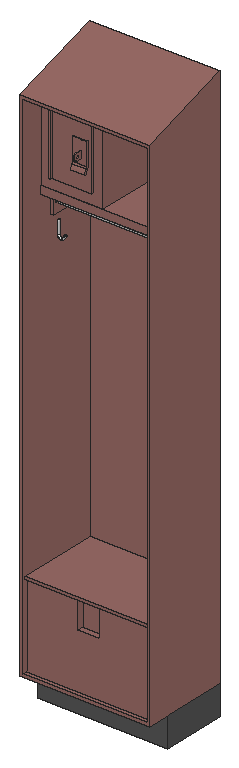
Revit family "Locker_Athletic_Scranton_TuffTec", category Specialty Equipment, Revit 2026
Family settings
  Round Connector Dimension = Use Diameter
  Part Type = Normal
  Classification Number = 23.40.20.11.17
  Work Plane-Based = Yes
  Enable Cutting in Views = No
  Always vertical = Yes
  Cut with Voids When Loaded = No
  Maintain Annotation Orientation = No
  Shared = No
  Room Calculation Point = No
Parameters
  offset [instance] = 0' - 0"
  Warranty Duration (Years) = 0
  Unit Width = 1' - 6"
  Unit Height = 6' - 0"
  Unit Depth = 1' - 0"
  URL = "http://www.scrantonproducts.com/products/lockers/"
  Type Comments = "Custom sizes, color, and configurations available, please contact Scranton Products for more information"
  TuffTike in Top Compartment [instance] = yes
  Trim Material = Plastic - HDPE - Scranton - Black
  Top Compartment Height [instance] = 1' - 0"
  TT_Width [instance] = (Unit Width / 2) - 0' 0 3/8"  # 0' - 8 5/8"
  TT_Height [instance] = Top Compartment Height - 0' 0 3/8"  # 0' - 11 5/8"
  TT_Depth [instance] = Unit Depth - 0' 3 3/8"  # 0' - 8 5/8"
  Specification = "http://www.arcat.com/sdspecs/htm/10500spi.htm"
  SpecWizard = "http://www.arcat.com/specwizard/10500spi/index.htm?coid=45422&mf="
  Slope Top [instance] = yes
  Slope Height [instance] = if(Slope Top, 0' 4", 0' 0")  # 0' - 4"
  Send Message = "http://www.arcat.com/users.pl?action=UserEmail&company=Scranton%20Products&coid=45422&rep=154&fax=800-551-6993&mf="
  Sales Information = "https://www.scrantonproducts.com/where-to-buy/"
  Revision = "R1_11-2010"
  Product Properties = "http://www.arcat.com/bim/bim_info.pl?fn=Scranton"
  Product Data = "http://www.arcat.com/arcatcos/cos45/arc45422.html"
  Model = "As Specified in 10 51 00"
  Manufacturer Website = "http://www.scrantonproducts.com/"
  Manufacturer Phone - Toll Free = "800-445-5148"
  Manufacturer Phone = "800-445-5148"
  Manufacturer Fax = "800-551-6993"
  Manufacturer Address = "801 E. Corey St., Scranton, PA 18507"
  Manufacturer = "Scranton Products"
  Maintenance Schedule (Months) = 0
  Keynote = "10 51 00"
  Installation-Fabrication = "https://www.dropbox.com/s/kh24odtz4t24c9s/Tufftec%20Lockers%20Installation%20Guide.pdf?dl=0"
  Installation Phase = ""
  Hanger Material = Metal - Chrome - Scranton - Polished
  Green Building-LEED = "http://www.arcat.com/green/clients/leed_data_45422.html"
  Expected Lifespan (Years) = 0
  Drawn By = "Sumex Design, Inc. / Robert S. Weygant, CSI, CDT, SCIP"
  Description = "Lockers as Specified in 10 51 00"
  Default Elevation = 4' - 0"
  Copyright = "©Arcat Inc."
  Construction Details = "https://www.dropbox.com/s/5087wbg3fg35cl7/Tufftec%20Lockers%20Brochure.pdf?dl=0"
  Body Material = Plastic - HDPE - Scranton - Burgundy
  Base Height [instance] = 0' - 4"
  Base Compartment Height [instance] = 1' - 0"
  Base [instance] = not(Base Height = 0' 0")  # yes
  BH_Actual [instance] = if(Base Height = 0' 0", 0' 1", Base Height)  # 0' - 4"
  Assembly Code = "C1030310"
Reference planes (in)
  plane 1 "Center (Front/Back)": y = -5.01892
  plane 2 "Bottom": z = 0
  plane 3 "Center (Left/Right)": x = 12
  plane 4 "Front": y = -11.01892
  plane 5 "Back": y = 0.98108
  plane 6 "Left": x = 3
  plane 7 "Right": x = 21
  plane 8 "Top": z = 76
  plane 9: z = 80
  plane 10: z = 4
  plane 11: z = 40
  plane 12: z = 63.625
  plane 13: z = 4
  plane 14: z = 16.375
  plane 15: z = 4.375
  plane 16: z = 75.625
  plane 17: x = 16.5
  plane 18: x = 7.5
  plane 19: x = 3.375
  plane 20: y = 0.60608
Forms (in)
  Extrusion 1, solid, material "Plastic - HDPE - Scranton - Black" <- "Trim Material", visible <- "Base"
    sketch origin (0, 0, 0) x (1, 0, 0) y (0, 1, 0)
      loop
        line (3, 0.98108) -> (3, -8.01892) -> (21, -8.01892) -> (21, 0.98108) -> (3, 0.98108)
    from 0 to 4
  Extrusion 2, solid, material "Plastic - HDPE - Scranton - Burgundy" <- "Body Material"
    sketch origin (3, 16.34522, 48) x (0, 1, 0) y (0, 0, 1)
      loop
        line (-15.36414, -44) -> (-15.36414, 32) -> (-27.36414, 28) -> (-27.36414, -44) -> (-15.36414, -44)
    from 0 to 0.375
  Extrusion 3, solid, material "Plastic - HDPE - Scranton - Burgundy" <- "Body Material"
    sketch origin (21, 16.34522, 48) x (0, 1, 0) y (0, 0, 1)
      loop
        line (-15.36414, -44) -> (-15.36414, 32) -> (-27.36414, 28) -> (-27.36414, -44) -> (-15.36414, -44)
    from 0 to -0.375
  Extrusion 4, solid, material "Plastic - HDPE - Scranton - Burgundy" <- "Body Material"
    sketch origin (-14.15641, -180, 4) x (-1, 0, 0) y (0, -1, 0)
      loop
        line (-17.53141, -180.60608) -> (-17.53141, -169.60608) -> (-34.78141, -169.60608) -> (-34.78141, -180.60608) -> (-17.53141, -180.60608)
    from 0.375 to 12
  Extrusion 5, solid, material "Plastic - HDPE - Scranton - Burgundy" <- "Body Material"
    sketch origin (3, 16.34522, 48) x (0, 1, 0) y (0, 0, 1)
      loop
        line (-27.36414, 27.60472) -> (-15.73914, 31.47972) -> (-15.73914, -43.625) -> (-27.36414, -43.625) -> (-27.36414, -44) -> (-15.36414, -44) -> (-15.36414, 32) -> (-27.36414, 28) -> (-27.36414, 27.60472)
    from 0 to 18
  Extrusion 6, solid, material "Plastic - HDPE - Scranton - Burgundy" <- "Body Material"
    sketch origin (3.375, -180, 16.375) x (-1, 0, 0) y (0, -1, 0)
      loop
        line (0, -180.60608) -> (0, -169.23108) -> (-17.25, -169.23108) -> (-17.25, -180.60608) -> (0, -180.60608)
    from 0 to -0.375
  Extrusion 7, void
    sketch origin (-11.94222, -11.01892, 48) x (1, 0, 0) y (0, 0, 1)
      loop
        line (22.44222, -32) -> (22.44222, -36) -> (25.44222, -36) -> (25.44222, -32) -> (22.44222, -32)
    from 0 to -1.5
  Extrusion 8, solid, material "Plastic - HDPE - Scranton - Burgundy" <- "Body Material"
    sketch origin (-29.82647, -180, 63.625) x (-1, 0, 0) y (0, -1, 0)
      loop
        line (-33.20147, -180.60608) -> (-33.20147, -171.98108) -> (-50.45147, -171.98108) -> (-50.45147, -180.60608) -> (-33.20147, -180.60608)
    from 0 to -1
  Extrusion 9, solid, material "Metal - Chrome - Scranton - Polished" <- "Hanger Material"
    sketch origin (3, 16.34522, 48) x (0, 1, 0) y (0, 0, 1)
      loop
        circle (-21.36414, 12.625) r 0.375
    from 0.375 to 17.625
  Extrusion 10, solid, material "Plastic - HDPE - Scranton - Burgundy" <- "Body Material"
    sketch origin (3, 16.34522, 48) x (0, 1, 0) y (0, 0, 1)
      loop
        circle (-21.36414, 12.625) r 0.375
      loop
        line (-20.11414, 13.875) -> (-22.61414, 13.875) -> (-22.61414, 11.375) -> (-20.11414, 11.375) -> (-20.11414, 13.875)
    from 0.375 to 0.875
  Extrusion 11, solid, material "Plastic - HDPE - Scranton - Burgundy" <- "Body Material"
    sketch origin (21, 16.34522, 48) x (0, 1, 0) y (0, 0, 1)
      loop
        circle (-21.36414, 12.625) r 0.375
      loop
        line (-20.11414, 13.875) -> (-22.61414, 13.875) -> (-22.61414, 11.375) -> (-20.11414, 11.375) -> (-20.11414, 13.875)
    from -0.375 to -0.875
  Sweep 12, solid, material "Metal - Chrome - Scranton - Polished" <- "Hanger Material", detail levels medium+fine
    path origin (16.5, -180, 71.47133) x (0, 0, 1) y (0, -1, 0)
      loop
        line (-9.34633, -180.48108) -> (-11.09633, -180.48108)
        arc (-11.09633, -180.48108) -> (-11.36148, -180.41263) -> (-11.56036, -180.22439) r 0.54776
        arc (-11.56036, -180.22439) -> (-11.60321, -180.01032) -> (-11.49325, -179.82171) r 0.30767
        line (-11.49325, -179.82171) -> (-11.05737, -179.46905)
    profile origin (16.5, 0.48108, 61.25) x (1, 0, 0) y (0, 1, 0)
      loop
        circle (0, 0) r 0.125
  Sweep 13, solid, material "Metal - Chrome - Scranton - Polished" <- "Hanger Material", detail levels medium+fine
    path origin (7.5, -180, 70.24963) x (0, 0, 1) y (0, -1, 0)
      loop
        line (-8.12463, -180.48108) -> (-9.87463, -180.48108)
        arc (-9.87463, -180.48108) -> (-10.13978, -180.41263) -> (-10.33866, -180.22439) r 0.54776
        arc (-10.33866, -180.22439) -> (-10.38151, -180.01032) -> (-10.27154, -179.82171) r 0.30767
        line (-10.27154, -179.82171) -> (-9.83567, -179.46905)
    profile origin (7.5, 0.48108, 61.25) x (1, 0, 0) y (0, 1, 0)
      loop
        circle (0, 0) r 0.125
  Sweep 14, solid, material "Metal - Chrome - Scranton - Polished" <- "Hanger Material", detail levels medium+fine
    path origin (-1.2098, -5.01892, -2) x (1, 0, 0) y (0, 0, 1)
      loop
        line (4.7098, 60.125) -> (4.7098, 58.375)
        arc (4.7098, 58.375) -> (4.77825, 58.10985) -> (4.96649, 57.91097) r 0.54776
        arc (4.96649, 57.91097) -> (5.18056, 57.86813) -> (5.36917, 57.97809) r 0.30767
        line (5.36917, 57.97809) -> (5.72183, 58.41396)
    profile origin (3.5, -5.01892, 57.25) x (0, -1, 0) y (1, 0, 0)
      loop
        circle (0, 0) r 0.125
  Sweep 15, solid, material "Metal - Chrome - Scranton - Polished" <- "Hanger Material", detail levels medium+fine
    path origin (25.2098, -5.01892, -2) x (-1, 0, 0) y (0, 0, -1)
      loop
        line (4.7098, -60.125) -> (4.7098, -58.375)
        arc (4.7098, -58.375) -> (4.77825, -58.10985) -> (4.96649, -57.91097) r 0.54776
        arc (4.96649, -57.91097) -> (5.18056, -57.86813) -> (5.36917, -57.97809) r 0.30767
        line (5.36917, -57.97809) -> (5.72183, -58.41396)
    profile origin (20.5, -5.01892, 57.25) x (0, -1, 0) y (1, 0, 0)
      loop
        circle (0, 0) r 0.125
Cuts and joins
  Extrusion 7 cuts Extrusion 2
  Extrusion 7 cuts Extrusion 3
  Extrusion 7 cuts Extrusion 5
  joined: Extrusion 2, Extrusion 3, Extrusion 5
  Extrusion 7 cuts Extrusion 4
  Extrusion 7 cuts Extrusion 6
Lines and regions (in)
  reference lines
    curve 1: line (12, -11.01892, 76) -> (12, 0.98108, 80)
  symbolic lines, style "Lockers - Elevation Swing"
    curve 2: line (3.375, -10.76892, 0) -> (12, 0.60608, 0)
    curve 3: line (12, 0.60608, 0) -> (20.625, -10.76892, 0)
Dimensions and locks (in)
  "Unit Height": plane 8 "Top" to plane 10
  equal spacing: plane 6 "Left", plane 3 "Center (Left/Right)", plane 7 "Right"
  "Unit Width": plane 6 "Left" to plane 7 "Right"
  equal spacing: plane 5 "Back", plane 1 "Center (Front/Back)", plane 4 "Front"
  "Unit Depth": plane 5 "Back" to plane 4 "Front"
  "Slope Height": plane 9 to plane 8 "Top"
  "Base Height": plane 10 to level
  equal spacing: plane 8 "Top", plane 11, plane 10
  "BH_Actual": plane 13 to level
  locked: curve 1 to Extrusion 5 sketch curve at 0.375
  "Base Compartment Height": plane 14 to plane 15
  locked: plane 14 to Extrusion 4 at 0.375
  "Top Compartment Height": plane 16 to plane 12
  locked: plane 7 "Right" to Extrusion 9 at 0.375
  locked: plane 15 to plane 10 at 0.375
  locked: plane 8 "Top" to plane 16 at 0.375
  equal spacing: plane 3 "Center (Left/Right)", plane 18, plane 6 "Left"
  equal spacing: plane 7 "Right", plane 17, plane 3 "Center (Left/Right)"
  locked: plane 6 "Left" to plane 19 at 0.375
  locked: plane 5 "Back" to plane 20 at 0.375
  locked: Extrusion 8 sketch curve to plane 4 "Front" at 3
  locked: Extrusion 1 sketch curve to plane 4 "Front" at 3
  aligned and locked: plane 13 to Extrusion 1
  aligned and locked: Extrusion 5 sketch curve to curve 1
  aligned and locked: plane 5 "Back" to Extrusion 5 sketch curve
  aligned and locked: plane 7 "Right" to Extrusion 5
  aligned and locked: plane 19 to nested 1
  aligned and locked: nested 1 to plane 20
  aligned and locked: Extrusion 5 sketch curve to plane 4 "Front"
Automatic sketch dimensions
  curve 3 to plane 3 "Center (Left/Right)" = 0' - 0"
  plane 6 "Left" to curve 2 = 0' - 0 3/8"
  curve 3 to plane 7 "Right" = 0' - 0 3/8"
  curve 3 to plane 5 "Back" = 0' - 0 3/8"
  Extrusion 1 sketch curve to plane 6 "Left" = 0' - 0"
  Extrusion 1 sketch curve to plane 7 "Right" = 0' - 0"
  Extrusion 1 sketch curve to plane 5 "Back" = 0' - 0"
  Extrusion 4 sketch curve to plane 7 "Right" = 0' - 0 3/8"
  plane 6 "Left" to Extrusion 4 sketch curve = 0' - 0 3/8"
  Extrusion 4 sketch curve to plane 5 "Back" = 0' - 0 3/8"
  Extrusion 5 sketch curve to plane 15 = 0' - 0"
  Extrusion 5 sketch curve to plane 10 = 0' - 0"
  Extrusion 5 sketch curve to plane 5 "Back" = 0' - 0 3/8"
  Extrusion 6 sketch curve to plane 7 "Right" = 0' - 0 3/8"
  plane 6 "Left" to Extrusion 6 sketch curve = 0' - 0 3/8"
  Extrusion 6 sketch curve to plane 5 "Back" = 0' - 0 3/8"
  Extrusion 7 sketch curve to plane 3 "Center (Left/Right)" = 0' - 1 1/2"
  plane 3 "Center (Left/Right)" to Extrusion 7 sketch curve = 0' - 1 1/2"
  Extrusion 7 sketch curve to plane 14 = 0' - 4 3/8"
  Extrusion 7 sketch curve to plane 14 = 0' - 0 3/8"
  Extrusion 8 sketch curve to plane 7 "Right" = 0' - 0 3/8"
  plane 6 "Left" to Extrusion 8 sketch curve = 0' - 0 3/8"
  Extrusion 8 sketch curve to plane 5 "Back" = 0' - 0 3/8"
  Extrusion 9 sketch curve to plane 1 "Center (Front/Back)" = 0' - 0"
  Extrusion 9 sketch curve to plane 12 = 0' - 3"
  Extrusion 10 sketch curve to plane 1 "Center (Front/Back)" = 0' - 0"
  plane 1 "Center (Front/Back)" to Extrusion 10 sketch curve = 0' - 1 1/4"
  Extrusion 10 sketch curve to plane 1 "Center (Front/Back)" = 0' - 1 1/4"
  Extrusion 10 sketch curve to plane 12 = 0' - 4 1/4"
  Extrusion 10 sketch curve to Extrusion 10 sketch curve = 0' - 1 1/4"
  Extrusion 10 sketch curve to plane 12 = 0' - 1 3/4"
  Extrusion 11 sketch curve to plane 1 "Center (Front/Back)" = 0' - 0"
  plane 1 "Center (Front/Back)" to Extrusion 11 sketch curve = 0' - 1 1/4"
  Extrusion 11 sketch curve to plane 1 "Center (Front/Back)" = 0' - 1 1/4"
  Extrusion 11 sketch curve to plane 12 = 0' - 4 1/4"
  Extrusion 11 sketch curve to Extrusion 11 sketch curve = 0' - 1 1/4"
  Extrusion 11 sketch curve to plane 12 = 0' - 1 3/4"
  Sweep 12 sketch curve to plane 5 "Back" = 0' - 0.75669"
  Sweep 12 sketch curve to plane 12 = 0' - 3.71403"
  Sweep 12 sketch curve to Sweep 12 sketch curve = 0' - 0"
  Sweep 12 sketch curve to Sweep 12 sketch curve = 0' - 0.06711"
  Sweep 12 sketch curve to Sweep 12 sketch curve = 0' - 0.26064"
  Sweep 12 sketch curve to Sweep 12 sketch curve = 0' - 0.20339"
  Sweep 12 sketch curve to plane 5 "Back" = 0' - 1.51203"
  Sweep 12 sketch curve to Sweep 12 sketch curve = 0' - 0.03896"
  Sweep 12 sketch curve to Sweep 12 sketch curve = 0' - 1 3/4"
  Sweep 12 sketch curve to plane 5 "Back" = 0' - 0 1/2"
  Sweep 12 sketch curve to profile plane = 0' - 0"  (x2)
  Sweep 13 sketch curve to plane 5 "Back" = 0' - 0.75669"
  Sweep 13 sketch curve to plane 12 = 0' - 3.71403"
  Sweep 13 sketch curve to Sweep 13 sketch curve = 0' - 0"
  Sweep 13 sketch curve to Sweep 13 sketch curve = 0' - 0.06711"
  Sweep 13 sketch curve to Sweep 13 sketch curve = 0' - 0.26064"
  Sweep 13 sketch curve to Sweep 13 sketch curve = 0' - 0.20339"
  Sweep 13 sketch curve to plane 5 "Back" = 0' - 1.51203"
  Sweep 13 sketch curve to Sweep 13 sketch curve = 0' - 0.03896"
  Sweep 13 sketch curve to Sweep 13 sketch curve = 0' - 1 3/4"
  Sweep 13 sketch curve to plane 5 "Back" = 0' - 0 1/2"
  Sweep 13 sketch curve to plane 18 = 0' - 0"
  Sweep 13 sketch curve to profile plane = 0' - 0"
  Sweep 14 sketch curve to plane 1 "Center (Front/Back)" = 0' - 0"
  Sweep 14 sketch curve to profile plane = 0' - 0"
  Sweep 15 sketch curve to plane 1 "Center (Front/Back)" = 0' - 0"
  Sweep 15 sketch curve to profile plane = 0' - 0"
  plane 6 "Left" to Sweep 14 sketch curve = 0' - 0 1/2"
  Sweep 14 sketch curve to Sweep 14 sketch curve = 0' - 0.25669"
  Sweep 14 sketch curve to Sweep 14 sketch curve = 0' - 0"
  Sweep 14 sketch curve to Sweep 14 sketch curve = 0' - 0.16349"
  Sweep 14 sketch curve to Sweep 14 sketch curve = 0' - 0.12758"
  Sweep 14 sketch curve to Sweep 14 sketch curve = 0' - 0.23919"
  Sweep 14 sketch curve to Sweep 14 sketch curve = 0' - 0.46427"
  Sweep 14 sketch curve to plane 12 = 0' - 7.71403"
  Sweep 14 sketch curve to Sweep 14 sketch curve = 0' - 0.03896"
  Sweep 14 sketch curve to Sweep 14 sketch curve = 0' - 1 3/4"
  Sweep 15 sketch curve to plane 7 "Right" = 0' - 0 1/2"
  Sweep 15 sketch curve to Sweep 15 sketch curve = 0' - 0.25669"
  Sweep 15 sketch curve to Sweep 15 sketch curve = 0' - 0"
  Sweep 15 sketch curve to Sweep 15 sketch curve = 0' - 0.16349"
  Sweep 15 sketch curve to Sweep 15 sketch curve = 0' - 0.12758"
  Sweep 15 sketch curve to Sweep 15 sketch curve = 0' - 0.23919"
  Sweep 15 sketch curve to Sweep 15 sketch curve = 0' - 0.46427"
  Sweep 15 sketch curve to plane 12 = 0' - 5 1/2"
  Sweep 15 sketch curve to Sweep 15 sketch curve = 0' - 1.71104"
  Sweep 15 sketch curve to Sweep 15 sketch curve = 0' - 0.03896"
  plane 4 "Front" to curve 2 = 0' - 0 1/4"
  plane 4 "Front" to curve 3 = 0' - 0 1/4"
  plane 4 "Front" to Extrusion 4 sketch curve = 0' - 0 5/8"
  plane 4 "Front" to Extrusion 5 sketch curve = 0' - 0"
  plane 4 "Front" to Extrusion 6 sketch curve = 0' - 0 1/4"
  curve 1 to plane 4 "Front" = 0' - 0"
  curve 1 to plane 5 "Back" = 0' - 0"
  curve 1 to plane 8 "Top" = 0' - 0"
  curve 1 to plane 9 = 0' - 0"
  Extrusion 2 sketch curve to plane 4 "Front" = 0' - 0"
  Extrusion 2 sketch curve to plane 5 "Back" = 0' - 0"
  Extrusion 2 sketch curve to plane 10 = 0' - 0"
  Extrusion 2 sketch curve to plane 8 "Top" = 0' - 0"
  Extrusion 2 sketch curve to plane 9 = 0' - 0"
  Extrusion 3 sketch curve to plane 4 "Front" = 0' - 0"
  Extrusion 3 sketch curve to plane 5 "Back" = 0' - 0"
  Extrusion 3 sketch curve to plane 10 = 0' - 0"
  Extrusion 3 sketch curve to plane 8 "Top" = 0' - 0"
  Extrusion 3 sketch curve to plane 9 = 0' - 0"
  radius of Extrusion 9 sketch curve = 0' - 0 3/8"
  radius of Extrusion 10 sketch curve = 0' - 0 3/8"
  radius of Extrusion 11 sketch curve = 0' - 0 3/8"
  radius of Sweep 12 sketch curve = 0' - 0 1/8"
  radius of Sweep 13 sketch curve = 0' - 0 1/8"
  radius of Sweep 14 sketch curve = 0' - 0 1/8"
  radius of Sweep 15 sketch curve = 0' - 0 1/8"
Nested families (in)
  nested 1: "Locker_Cubby_Scranton_TuffTike" at (19.6875, 1.3125, 63.625) x (-1, 0, 0) z (0, 0, 1), Unit Width <- "TT_Width", Unit Height <- "TT_Height", Unit Depth <- "TT_Depth", visible <- "TuffTike in Top Compartment", type "Locker_Cubby_Scranton_TuffTike"
    with offset 0' - 0", Unit Width 0' - 8 5/8", Unit Height 0' - 11 5/8", Unit Depth 0' - 8 5/8", Padlock yes, Key no, Door Width 0' - 5 5/8", Door Type none, Door Height 0' - 8 5/8", Combination Lock no, Coin Slot no
Definition of nested family "Locker_Cubby_Scranton_TuffTike"
  Parameters (values of type "Locker_Cubby_Scranton_TuffTike")
    offset [instance] = 0' - 0"
    Warranty Duration (Years) = 0
    Unit Width [instance] = 1' - 3"
    Unit Height [instance] = 1' - 3"
    Unit Depth [instance] = 1' - 0"
    URL = "http://www.scrantonproducts.com/products/lockers/"
    Trim Material = none
    Specification = "http://www.arcat.com/sdspecs/htm/10500spi.htm"
    SpecWizard = "http://www.arcat.com/specwizard/10500spi/index.htm?coid=45422&mf="
    Send Message = "http://www.arcat.com/users.pl?action=UserEmail&company=Scranton%20Products&coid=45422&rep=154&fax=800-551-6993&mf="
    Sales Information = "http://www.scrantonproducts.com/locator/"
    Revision = "R1_11-2010"
    Product Properties = "http://www.arcat.com/bim/bim_info.pl?fn=Scranton"
    Product Data = "http://www.arcat.com/arcatcos/cos45/arc45422.html"
    Padlock [instance] = yes
    Model = "As Specified in 10 51 00"
    Manufacturer Website = "http://www.scrantonproducts.com/"
    Manufacturer Phone - Toll Free = "800-445-5148"
    Manufacturer Phone = "800-445-5148"
    Manufacturer Fax = "800-551-6993"
    Manufacturer Address = "801 E. Corey St., Scranton, PA 18507"
    Manufacturer = "Scranton Products"
    Maintenance Schedule (Months) = 0
    Keynote = "10 51 00"
    Key [instance] = no
    Installation-Fabrication = "http://www.scrantonproducts.com/assets/docs/installation-tufftec2.pdf"
    Installation Phase = ""
    Green Building-LEED = "http://www.arcat.com/green/clients/leed_data_45422.html"
    Expected Lifespan (Years) = 0
    Drawn By = "Sumex Design, Inc. / Robert S. Weygant, CSI, CDT, SCIP"
    Door Width [instance] = Unit Width - 0' 3"  # 1' - 0"
    Door Type [instance] = CubbyDoor : Horizontal Vent
    Door Height [instance] = Unit Height - 0' 3"  # 1' - 0"
    Description = "Lockers as Specified in 10 51 00"
    Default Elevation = 4' - 0"
    Copyright = "©Arcat Inc."
    Construction Details = "http://www.scrantonproducts.com/assets/docs/drawings-tufftec2.pdf"
    Combination Lock [instance] = no
    Coin Slot [instance] = no
    Body Material = none
    Assembly Code = "C1030310"
  Reference planes (in)
    plane 1 "Center (Front/Back)": y = -5.01892
    plane 2 "Bottom": z = 0
    plane 3 "Center (Left/Right)": x = 12
    plane 4 "Front": y = -11.01892
    plane 5 "Back": y = 0.98108
    plane 6 "Left": x = 4.5
    plane 7 "Right": x = 19.5
    plane 8 "Top": z = 15
    plane 9: z = 15
    plane 10: z = 0
    plane 11: y = -10.89392
    plane 12: z = 7.5
    plane 13: z = 13.5
    plane 14: z = 1.5
  Forms (in)
    Extrusion 1, solid, material <- "Body Material"
      sketch origin (4.5, 16.34522, 48) x (0, 1, 0) y (0, 0, 1)
        loop
          line (-15.36414, -48) -> (-15.36414, -33) -> (-27.23914, -33) -> (-27.23914, -48) -> (-15.36414, -48)
      from 0 to 15
  Lines and regions (in)
    symbolic lines
      curve 1: arc (6, -11.01892, 0) -> (9.51472, -19.5042, 0) -> (18, -23.01892, 0) r 12
      curve 2: line (18, -11.01892, 0) -> (18, -23.01892, 0)
  Dimensions and locks (in)
    "Unit Height": plane 8 "Top" to plane 10
    equal spacing: plane 6 "Left", plane 3 "Center (Left/Right)", plane 7 "Right"
    "Unit Width": plane 6 "Left" to plane 7 "Right"
    equal spacing: plane 5 "Back", plane 1 "Center (Front/Back)", plane 4 "Front"
    "Unit Depth": plane 5 "Back" to plane 4 "Front"
    locked: plane 9 to plane 8 "Top"
    locked: plane 10 to level
    locked: plane 11 to plane 4 "Front" at 0.125
    equal spacing: plane 8 "Top", plane 12, plane 10
    locked: plane 8 "Top" to plane 13 at 1.5
    locked: plane 14 to plane 10 at 1.5
    aligned and locked: plane 7 "Right" to Extrusion 1
    aligned and locked: plane 3 "Center (Left/Right)" to nested 1
    aligned and locked: nested 1 to plane 4 "Front"
    aligned and locked: plane 14 to nested 1
  Automatic sketch dimensions
    Extrusion 1 sketch curve to plane 10 = 0' - 0"
    Extrusion 1 sketch curve to plane 11 = 0' - 0"
    Extrusion 1 sketch curve to plane 5 "Back" = 0' - 0"
    Extrusion 1 sketch curve to plane 8 "Top" = 0' - 0"
    Extrusion 1 sketch curve to plane 9 = 0' - 0"
    curve 1 to plane 4 "Front" = 0' - 0"
    curve 2 to plane 4 "Front" = 0' - 0"
    plane 6 "Left" to curve 1 = 0' - 1 1/2"
    curve 1 to plane 7 "Right" = 0' - 1 1/2"
  Nested families (in)
    nested 1: "CubbyDoor" at (0, -36, 1.5), type <- "Door Type", Padlock <- "Padlock", Key <- "Key", Combination Lock <- "Combination Lock", Coin Slot <- "Coin Slot", Body Material <- "Body Material", Unit Width <- "Door Width", Unit Height <- "Door Height", type "Horizontal Vent"
      with offset 0' - 0", Unit Width 1' - 0", Unit Height 1' - 0", Padlock yes, Key no, Combination Lock no, Coin Slot no, Body Material none, Lattice no, Horizontal Vent yes
  Definition of nested family "CubbyDoor"
    Parameters
      offset [instance] = 0' - 0"
      Warranty Duration (Years) = 0
      Unit Width [instance] = 1' - 6"
      Unit Height [instance] = 2' - 0"
      Unit Depth = 0' - 0 1/2"
      URL = "http://www.scrantonproducts.com/products/lockers/"
      Trim Material = none
      Specification = "http://www.arcat.com/sdspecs/htm/10500spi.htm"
      SpecWizard = "http://www.arcat.com/specwizard/10500spi/index.htm?coid=45422&mf="
      Send Message = "http://www.arcat.com/users.pl?action=UserEmail&company=Scranton%20Products&coid=45422&rep=154&fax=800-551-6993&mf="
      Sales Information = "http://www.scrantonproducts.com/locator/"
      Revision = "R1_11-2010"
      Product Properties = "http://www.arcat.com/bim/bim_info.pl?fn=Scranton"
      Product Data = "http://www.arcat.com/arcatcos/cos45/arc45422.html"
      Padlock [instance] = yes
      Model = "As Specified in 10 51 00"
      Manufacturer Website = "http://www.scrantonproducts.com/"
      Manufacturer Phone - Toll Free = "800-445-5148"
      Manufacturer Phone = "800-445-5148"
      Manufacturer Fax = "800-551-6993"
      Manufacturer Address = "801 E. Corey St., Scranton, PA 18507"
      Manufacturer = "Scranton Products"
      Maintenance Schedule (Months) = 0
      Lattice = yes
      Keynote = "10 51 00"
      Installation-Fabrication = "http://www.scrantonproducts.com/assets/docs/installation-tufftec2.pdf"
      Installation Phase = ""
      Horizontal Vent = no
      Key [instance] = no
      Green Building-LEED = "http://www.arcat.com/green/clients/leed_data_45422.html"
      Expected Lifespan (Years) = 0
      Drawn By = "Sumex Design, Inc. / Robert S. Weygant, CSI, CDT, SCIP"
      Description = "Lockers as Specified in 10 51 00"
      Default Elevation = 0' - 0"
      Copyright = "©Arcat Inc."
      Construction Details = "http://www.scrantonproducts.com/assets/docs/drawings-tufftec2.pdf"
      Combination Lock [instance] = no
      Coin Slot [instance] = no
      Body Material [instance] = none
      Assembly Code = "C1030310"
    Reference planes (in)
      plane 1 "Center (Front/Back)": y = 24.98108
      plane 2 "Bottom": z = 0
      plane 3 "Center (Left/Right)": x = 12
      plane 4 "Back": y = 25.48108
      plane 5 "Left": x = 3
      plane 6 "Right": x = 21
      plane 7 "Top": z = 24
      plane 8: x = 4.5
      plane 9: x = 5.5
      plane 10: x = 18.5
      plane 11: z = 21.5
      plane 12: z = 2.5
      plane 13: z = 12
    Forms (in)
      Extrusion 1, solid, material <- "Body Material"
        sketch origin (0, 24.98108, 0) x (1, 0, 0) y (0, 0, 1)
          loop
            line (3, 24) -> (3, 0) -> (21, 0) -> (21, 24) -> (3, 24)
        from 0 to -0.5
      Sweep 2, solid, material <- "Body Material"
        path in 3D
          loop
            line (21, 24.98108, 0) -> (21, 24.98108, 24)
        profile origin (21, 24.98108, 12) x (0, -1, 0) y (1, 0, 0)
          loop
            line (0, 0.125) -> (0, -0.125) -> (0.125, -0.125)
            arc (0.125, -0.125) -> (0.25, 0) -> (0.125, 0.125) r 0.125
            line (0.125, 0.125) -> (0, 0.125)
      Extrusion 3, solid, visible <- "Lattice"
        sketch origin (0, 24.98108, 0) x (1, 0, 0) y (0, 0, 1)
          loop
            line (6.5, 21.5) -> (6.5, 2.5) -> (18.5, 2.5) -> (18.5, 21.5) -> (6.5, 21.5)
        from 0 to 0.0625
      Extrusion 4, solid, material <- "Body Material", detail levels medium+fine
        sketch origin (3, 16.34522, 48) x (0, 1, 0) y (0, 0, 1)
          loop
            line (8.63586, -37.34931) -> (8.63586, -34) -> (8.51086, -34) -> (8.51086, -37.13293)
            arc (8.51086, -37.13293) -> (8.48513, -37.27373) -> (8.41126, -37.39631) r 0.39802
            arc (8.41126, -37.39631) -> (8.21408, -37.67944) -> (8.08648, -38) r 1.5064
            line (8.08648, -38) -> (8.2164, -38)
            arc (8.2164, -38) -> (8.37962, -37.64467) -> (8.63586, -37.34931) r 1.3814
        from 0.5 to 2.5
      Extrusion 5, solid, material <- "Body Material", visible <- "Padlock", detail levels medium+fine
        sketch origin (4.5, 23.63178, 48) x (0, -1, 0) y (0, 0, 1)
          loop
            line (-1.22431, -35.5) -> (-1.22431, -36.5) -> (-0.72431, -36.5)
            arc (-0.72431, -36.5) -> (-0.22431, -36) -> (-0.72431, -35.5) r 0.5
            line (-0.72431, -35.5) -> (-1.22431, -35.5)
          loop
            circle (-0.72431, -36) r 0.25
        from 0.0625 to -0.0625
      Revolve 6, solid, material <- "Body Material", visible <- "Combination Lock", detail levels medium+fine
        sketch origin (4.5, 23.63178, 48) x (0, -1, 0) y (0, 0, 1)
          loop
            line (-1.22431, -36) -> (-1.22431, -36.875) -> (-0.97431, -36.875) -> (-0.87144, -36.4911) -> (-0.22431, -36.40735) -> (-0.22431, -36) -> (-1.22431, -36)
          axis (-0.22431, -36) -> (-1.22431, -36)
        angle from 0 to 360
    Lines and regions (in)
      model lines, visible <- "Key", detail levels medium+fine
        curve 1: line (4.78219, 24.85608, 13.10402) -> (4.78219, 24.85608, 12.57052)
        curve 2: arc (4.78219, 24.85608, 13.10402) -> (4.90719, 24.85608, 13.22902) -> (5.03219, 24.85608, 13.10402) r 0.125
        curve 3: line (5.03219, 24.85608, 13.10402) -> (5.03219, 24.85608, 12.57052)
        curve 4: arc (4.78219, 24.85608, 12.57052) -> (4.90719, 24.85608, 12.10402) -> (5.03219, 24.85608, 12.57052) r 0.25
      model lines, visible <- "Coin Slot", detail levels medium+fine
        curve 5: line (4.03219, 24.85608, 13.10402) -> (4.03219, 24.85608, 12.25802)
        curve 6: arc (4.03219, 24.85608, 13.10402) -> (4.15719, 24.85608, 13.22902) -> (4.28219, 24.85608, 13.10402) r 0.125
        curve 7: line (4.28219, 24.85608, 13.10402) -> (4.28219, 24.85608, 12.25802)
        curve 8: arc (4.03219, 24.85608, 12.25802) -> (4.15719, 24.85608, 12.13302) -> (4.28219, 24.85608, 12.25802) r 0.125
      symbolic lines
        curve 9: line (3, 24.98108, 24) -> (21, 24.98108, 12)
        curve 10: line (21, 24.98108, 12) -> (3, 24.98108, 0)
      sketch lines
        curve 11: line (21, 24.98108, 0) -> (21, 24.98108, 24)
      model lines, visible <- "Horizontal Vent"
        curve 12: line (5.75, 24.98108, 21.5) -> (18.25, 24.98108, 21.5)
        curve 13: line (18.25, 24.98108, 21) -> (5.75, 24.98108, 21)
        curve 14: arc (18.25, 24.98108, 21.5) -> (18.5, 24.98108, 21.25) -> (18.25, 24.98108, 21) r 0.25
        curve 15: arc (5.75, 24.98108, 21.5) -> (5.5, 24.98108, 21.25) -> (5.75, 24.98108, 21) r 0.25
    Dimensions and locks (in)
      equal spacing: plane 5 "Left", plane 3 "Center (Left/Right)", plane 6 "Right"
      "Unit Width": plane 5 "Left" to plane 6 "Right"
      "Unit Depth": plane 4 "Back" to plane 1 "Center (Front/Back)"
      locked: plane 5 "Left" to plane 8 at 1.5
      locked: plane 12 to level at 2.5
      locked: plane 7 "Top" to plane 11 at 2.5
      "Unit Height": plane 7 "Top" to level
      equal spacing: plane 7 "Top", plane 13, level
      locked: plane 5 "Left" to plane 9 at 2.5
      locked: plane 10 to plane 6 "Right" at 2.5
      aligned and locked: plane 4 "Back" to Extrusion 1
    Automatic sketch dimensions
      Extrusion 1 sketch curve to level = 0' - 0"
      Extrusion 1 sketch curve to plane 5 "Left" = 0' - 0"
      Extrusion 1 sketch curve to plane 6 "Right" = 0' - 0"
      Extrusion 1 sketch curve to plane 7 "Top" = 0' - 0"
      plane 9 to Extrusion 3 sketch curve = 0' - 1"
      Extrusion 3 sketch curve to plane 10 = 0' - 0"
      Extrusion 3 sketch curve to plane 11 = 0' - 0"
      curve 9 to plane 5 "Left" = 0' - 0"
      curve 10 to level = 0' - 0"
      curve 10 to plane 5 "Left" = 0' - 0"
      curve 9 to plane 6 "Right" = 0' - 0"
      curve 9 to plane 13 = 0' - 0"
      curve 9 to plane 7 "Top" = 0' - 0"
      Sweep 2 sketch curve to profile plane = 0' - 0"  (x2)
      Sweep 2 sketch curve to profile plane = 0' - 0 1/8"
      Sweep 2 sketch curve to Sweep 2 sketch curve = 0' - 0 1/8"
      Extrusion 4 sketch curve to Extrusion 4 sketch curve = 0' - 0"  (x4)
      Extrusion 4 sketch curve to plane 1 "Center (Front/Back)" = 0' - 0"
      Extrusion 4 sketch curve to Extrusion 4 sketch curve = 0' - 0 1/8"
      plane 1 "Center (Front/Back)" to Extrusion 4 sketch curve = 0' - 0.22461"
      plane 1 "Center (Front/Back)" to Extrusion 4 sketch curve = 0' - 0.41946"
      Extrusion 4 sketch curve to Extrusion 4 sketch curve = 0' - 0.39802"
      Extrusion 4 sketch curve to Extrusion 4 sketch curve = 0' - 0.12992"
      plane 4 "Back" to Extrusion 4 sketch curve = 0' - 0.40482"
      Revolve 6 sketch curve to plane 13 = 0' - 0"  (x2)
      plane 4 "Back" to Revolve 6 sketch curve = 0' - 0.34621"
      plane 1 "Center (Front/Back)" to Revolve 6 sketch curve = 0' - 0 1/8"
      Revolve 6 sketch curve to Revolve 6 sketch curve = 0' - 0 1/4"
      Revolve 6 sketch curve to Revolve 6 sketch curve = 0' - 0.10286"
      Revolve 6 sketch curve to Revolve 6 sketch curve = 0' - 0.64714"
      Revolve 6 sketch curve to Revolve 6 sketch curve = 0' - 0.8818"
      Revolve 6 sketch curve to plane 13 = 0' - 0.40735"
      Revolve 6 sketch curve to plane 13 = 0' - 0.4911"
      Revolve 6 sketch curve to Revolve 6 sketch curve = 0' - 0.3839"
      Extrusion 5 sketch curve to Extrusion 5 sketch curve = 0' - 0"  (x2)
      Extrusion 5 sketch curve to plane 13 = 0' - 0"
      plane 1 "Center (Front/Back)" to Extrusion 5 sketch curve = 0' - 0 1/8"
      Extrusion 5 sketch curve to Extrusion 5 sketch curve = 0' - 0 1/2"
      Extrusion 5 sketch curve to plane 13 = 0' - 0 1/2"
      Extrusion 4 to curve 1 = 0' - 0.89598"
      curve 7 to curve 1 = 0' - 0"
      curve 2 to curve 4 = 0' - 0.53349"
      curve 1 to curve 4 = 0' - 0"
      curve 1 to curve 4 = 0' - 0.21651"
      curve 1 to curve 7 = 0' - 0 5/16"
      Extrusion 4 to curve 5 = 0' - 0.53219"
      curve 6 to curve 6 = 0' - 0 1/8"
      curve 6 to curve 1 = 0' - 0 1/2"
      curve 1 to curve 4 = 0' - 0 1/8"
      curve 14 to plane 11 = 0' - 0"
      plane 9 to curve 15 = 0' - 0 1/4"
      curve 13 to plane 10 = 0' - 0 1/4"
      curve 13 to curve 12 = 0' - 0 1/2"
      Extrusion 3 sketch curve to plane 12 = 0' - 0"
      Extrusion 4 sketch curve to plane 13 = 0' - 2.39313"
      plane 13 to Extrusion 4 sketch curve = 0' - 2"
      radius of Extrusion 5 sketch curve = 0' - 0 1/4"
